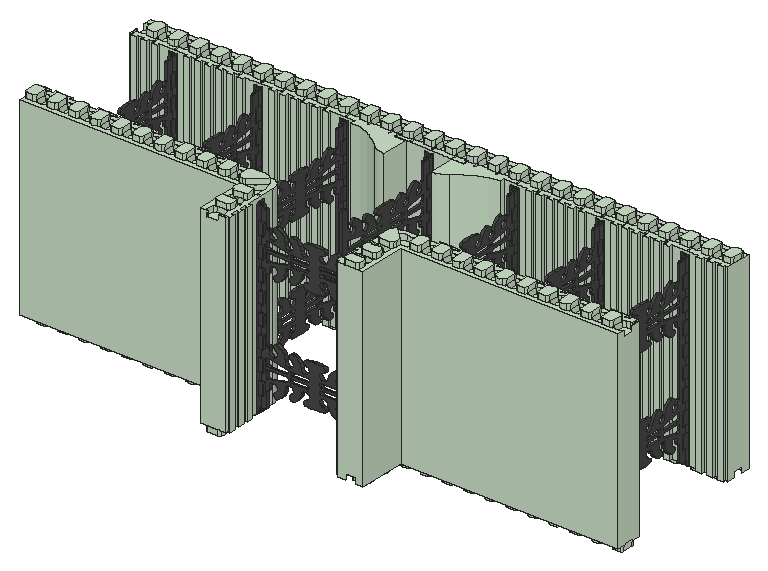
Revit family "ICF- NUDURA 10-inch- Short T Form Unit- Imperial", category Generic Models, Revit 2010 (continued)
Definition of nested family "NUDURA Diamond Pattern Missing Left Line"
  Lines and regions (in)
    model lines
      curve 18: arc (3.69709, -5.625, 16.35858) -> (3.75567, -5.625, 16.5) -> (3.69709, -5.625, 16.64142) r 0.2
      curve 19: line (4.634, -5.625, 16.01517) -> (4.29059, -5.625, 16.35858)
      curve 20: arc (4.634, -5.625, 15.48484) -> (4.74384, -5.625, 15.75) -> (4.634, -5.625, 16.01517) r 0.375
      curve 21: line (4.29059, -5.625, 15.14142) -> (4.634, -5.625, 15.48484)
      curve 22: line (3.35367, -5.625, 15.48484) -> (3.69709, -5.625, 15.14142)
      curve 23: arc (3.35367, -5.625, 16.01517) -> (3.24384, -5.625, 15.75) -> (3.35367, -5.625, 15.48484) r 0.375
      curve 24: line (3.69709, -5.625, 16.35858) -> (3.35367, -5.625, 16.01517)
      curve 25: arc (4.17062, -5.625, 16.30178) -> (3.99384, -5.625, 16.375) -> (3.81706, -5.625, 16.30178) r 0.25
      curve 26: line (3.81706, -5.625, 16.30178) -> (3.44206, -5.625, 15.92678)
      curve 27: arc (3.44206, -5.625, 15.92678) -> (3.36884, -5.625, 15.75) -> (3.44206, -5.625, 15.57322) r 0.25
      curve 28: line (3.44206, -5.625, 15.57322) -> (3.81706, -5.625, 15.19822)
      curve 29: arc (3.81706, -5.625, 15.19822) -> (3.99384, -5.625, 15.125) -> (4.17062, -5.625, 15.19822) r 0.25
      curve 30: line (4.17062, -5.625, 15.19822) -> (4.54562, -5.625, 15.57322)
      curve 31: arc (4.54562, -5.625, 15.57322) -> (4.61884, -5.625, 15.75) -> (4.54562, -5.625, 15.92678) r 0.25
      curve 32: line (4.54562, -5.625, 15.92678) -> (4.17062, -5.625, 16.30178)
      curve 33: arc (3.69709, -5.625, 14.85858) -> (3.75567, -5.625, 15) -> (3.69709, -5.625, 15.14142) r 0.2
      curve 34: line (4.634, -5.625, 14.51517) -> (4.29059, -5.625, 14.85858)
      curve 35: arc (4.634, -5.625, 13.98484) -> (4.74384, -5.625, 14.25) -> (4.634, -5.625, 14.51517) r 0.375
      curve 36: line (4.29059, -5.625, 13.64142) -> (4.634, -5.625, 13.98484)
      curve 37: line (3.35367, -5.625, 13.98484) -> (3.69709, -5.625, 13.64142)
      curve 38: arc (3.35367, -5.625, 14.51517) -> (3.24384, -5.625, 14.25) -> (3.35367, -5.625, 13.98484) r 0.375
      curve 39: line (3.69709, -5.625, 14.85858) -> (3.35367, -5.625, 14.51517)
      curve 40: arc (4.17062, -5.625, 14.80178) -> (3.99384, -5.625, 14.875) -> (3.81706, -5.625, 14.80178) r 0.25
      curve 41: line (3.81706, -5.625, 14.80178) -> (3.44206, -5.625, 14.42678)
      curve 42: arc (3.44206, -5.625, 14.42678) -> (3.36884, -5.625, 14.25) -> (3.44206, -5.625, 14.07322) r 0.25
      curve 43: line (3.44206, -5.625, 14.07322) -> (3.81706, -5.625, 13.69822)
      curve 44: arc (3.81706, -5.625, 13.69822) -> (3.99384, -5.625, 13.625) -> (4.17062, -5.625, 13.69822) r 0.25
      curve 45: line (4.17062, -5.625, 13.69822) -> (4.54562, -5.625, 14.07322)
      curve 46: arc (4.54562, -5.625, 14.07322) -> (4.61884, -5.625, 14.25) -> (4.54562, -5.625, 14.42678) r 0.25
      curve 47: line (4.54562, -5.625, 14.42678) -> (4.17062, -5.625, 14.80178)
      curve 48: arc (3.69709, -5.625, 13.35858) -> (3.75567, -5.625, 13.5) -> (3.69709, -5.625, 13.64142) r 0.2
      curve 49: line (4.634, -5.625, 13.01517) -> (4.29059, -5.625, 13.35858)
      curve 50: arc (4.634, -5.625, 12.48484) -> (4.74384, -5.625, 12.75) -> (4.634, -5.625, 13.01517) r 0.375
      curve 51: line (4.29059, -5.625, 12.14142) -> (4.634, -5.625, 12.48484)
      curve 52: line (3.35367, -5.625, 12.48484) -> (3.69709, -5.625, 12.14142)
      curve 53: arc (3.35367, -5.625, 13.01517) -> (3.24384, -5.625, 12.75) -> (3.35367, -5.625, 12.48484) r 0.375
      curve 54: line (3.69709, -5.625, 13.35858) -> (3.35367, -5.625, 13.01517)
      curve 55: arc (4.17062, -5.625, 13.30178) -> (3.99384, -5.625, 13.375) -> (3.81706, -5.625, 13.30178) r 0.25
      curve 56: line (3.81706, -5.625, 13.30178) -> (3.44206, -5.625, 12.92678)
      curve 57: arc (3.44206, -5.625, 12.92678) -> (3.36884, -5.625, 12.75) -> (3.44206, -5.625, 12.57322) r 0.25
      curve 58: line (3.44206, -5.625, 12.57322) -> (3.81706, -5.625, 12.19822)
      curve 59: arc (3.81706, -5.625, 12.19822) -> (3.99384, -5.625, 12.125) -> (4.17062, -5.625, 12.19822) r 0.25
      curve 60: line (4.17062, -5.625, 12.19822) -> (4.54562, -5.625, 12.57322)
      curve 61: arc (4.54562, -5.625, 12.57322) -> (4.61884, -5.625, 12.75) -> (4.54562, -5.625, 12.92678) r 0.25
      curve 62: line (4.54562, -5.625, 12.92678) -> (4.17062, -5.625, 13.30178)
      curve 63: arc (3.69709, -5.625, 11.85858) -> (3.75567, -5.625, 12) -> (3.69709, -5.625, 12.14142) r 0.2
      curve 64: line (4.634, -5.625, 11.51517) -> (4.29059, -5.625, 11.85858)
      curve 65: arc (4.634, -5.625, 10.98484) -> (4.74384, -5.625, 11.25) -> (4.634, -5.625, 11.51517) r 0.375
      curve 66: line (4.29059, -5.625, 10.64142) -> (4.634, -5.625, 10.98484)
      curve 67: line (3.35367, -5.625, 10.98484) -> (3.69709, -5.625, 10.64142)
      curve 68: arc (3.35367, -5.625, 11.51517) -> (3.24384, -5.625, 11.25) -> (3.35367, -5.625, 10.98484) r 0.375
      curve 69: line (3.69709, -5.625, 11.85858) -> (3.35367, -5.625, 11.51517)
      curve 70: arc (4.17062, -5.625, 11.80178) -> (3.99384, -5.625, 11.875) -> (3.81706, -5.625, 11.80178) r 0.25
      curve 71: line (3.81706, -5.625, 11.80178) -> (3.44206, -5.625, 11.42678)
      curve 72: arc (3.44206, -5.625, 11.42678) -> (3.36884, -5.625, 11.25) -> (3.44206, -5.625, 11.07322) r 0.25
      curve 73: line (3.44206, -5.625, 11.07322) -> (3.81706, -5.625, 10.69822)
      curve 74: arc (3.81706, -5.625, 10.69822) -> (3.99384, -5.625, 10.625) -> (4.17062, -5.625, 10.69822) r 0.25
      curve 75: line (4.17062, -5.625, 10.69822) -> (4.54562, -5.625, 11.07322)
      curve 76: arc (4.54562, -5.625, 11.07322) -> (4.61884, -5.625, 11.25) -> (4.54562, -5.625, 11.42678) r 0.25
      curve 77: line (4.54562, -5.625, 11.42678) -> (4.17062, -5.625, 11.80178)
      curve 78: arc (3.69709, -5.625, 10.35858) -> (3.75567, -5.625, 10.5) -> (3.69709, -5.625, 10.64142) r 0.2
      curve 79: line (4.634, -5.625, 10.01517) -> (4.29059, -5.625, 10.35858)
      curve 80: arc (4.634, -5.625, 9.48484) -> (4.74384, -5.625, 9.75) -> (4.634, -5.625, 10.01517) r 0.375
      curve 81: line (4.29059, -5.625, 9.14142) -> (4.634, -5.625, 9.48484)
      curve 82: line (3.35367, -5.625, 9.48484) -> (3.69709, -5.625, 9.14142)
      curve 83: arc (3.35367, -5.625, 10.01517) -> (3.24384, -5.625, 9.75) -> (3.35367, -5.625, 9.48484) r 0.375
      curve 84: line (3.69709, -5.625, 10.35858) -> (3.35367, -5.625, 10.01517)
      curve 85: arc (4.17062, -5.625, 10.30178) -> (3.99384, -5.625, 10.375) -> (3.81706, -5.625, 10.30178) r 0.25
      curve 86: line (3.81706, -5.625, 10.30178) -> (3.44206, -5.625, 9.92678)
      curve 87: arc (3.44206, -5.625, 9.92678) -> (3.36884, -5.625, 9.75) -> (3.44206, -5.625, 9.57322) r 0.25
      curve 88: line (3.44206, -5.625, 9.57322) -> (3.81706, -5.625, 9.19822)
      curve 89: arc (3.81706, -5.625, 9.19822) -> (3.99384, -5.625, 9.125) -> (4.17062, -5.625, 9.19822) r 0.25
      curve 90: line (4.17062, -5.625, 9.19822) -> (4.54562, -5.625, 9.57322)
      curve 91: arc (4.54562, -5.625, 9.57322) -> (4.61884, -5.625, 9.75) -> (4.54562, -5.625, 9.92678) r 0.25
      curve 92: line (4.54562, -5.625, 9.92678) -> (4.17062, -5.625, 10.30178)
      curve 93: arc (3.69709, -5.625, 8.85858) -> (3.75567, -5.625, 9) -> (3.69709, -5.625, 9.14142) r 0.2
      curve 94: line (4.634, -5.625, 8.51517) -> (4.29059, -5.625, 8.85858)
      curve 95: arc (4.634, -5.625, 7.98484) -> (4.74384, -5.625, 8.25) -> (4.634, -5.625, 8.51517) r 0.375
      curve 96: line (4.29059, -5.625, 7.64142) -> (4.634, -5.625, 7.98484)
      curve 97: line (3.35367, -5.625, 7.98484) -> (3.69709, -5.625, 7.64142)
      curve 98: arc (3.35367, -5.625, 8.51517) -> (3.24384, -5.625, 8.25) -> (3.35367, -5.625, 7.98484) r 0.375
      curve 99: line (3.69709, -5.625, 8.85858) -> (3.35367, -5.625, 8.51517)
      curve 100: arc (4.17062, -5.625, 8.80178) -> (3.99384, -5.625, 8.875) -> (3.81706, -5.625, 8.80178) r 0.25
      curve 101: line (3.81706, -5.625, 8.80178) -> (3.44206, -5.625, 8.42678)
      curve 102: arc (3.44206, -5.625, 8.42678) -> (3.36884, -5.625, 8.25) -> (3.44206, -5.625, 8.07322) r 0.25
      curve 103: line (3.44206, -5.625, 8.07322) -> (3.81706, -5.625, 7.69822)
      curve 104: arc (3.81706, -5.625, 7.69822) -> (3.99384, -5.625, 7.625) -> (4.17062, -5.625, 7.69822) r 0.25
      curve 105: line (4.17062, -5.625, 7.69822) -> (4.54562, -5.625, 8.07322)
      curve 106: arc (4.54562, -5.625, 8.07322) -> (4.61884, -5.625, 8.25) -> (4.54562, -5.625, 8.42678) r 0.25
      curve 107: line (4.54562, -5.625, 8.42678) -> (4.17062, -5.625, 8.80178)
      curve 108: arc (3.69709, -5.625, 7.35858) -> (3.75567, -5.625, 7.5) -> (3.69709, -5.625, 7.64142) r 0.2
      curve 109: line (4.634, -5.625, 7.01517) -> (4.29059, -5.625, 7.35858)
      curve 110: arc (4.634, -5.625, 6.48484) -> (4.74384, -5.625, 6.75) -> (4.634, -5.625, 7.01517) r 0.375
      curve 111: line (4.29059, -5.625, 6.14142) -> (4.634, -5.625, 6.48484)
      curve 112: line (3.35367, -5.625, 6.48484) -> (3.69709, -5.625, 6.14142)
      curve 113: arc (3.35367, -5.625, 7.01517) -> (3.24384, -5.625, 6.75) -> (3.35367, -5.625, 6.48484) r 0.375
      curve 114: line (3.69709, -5.625, 7.35858) -> (3.35367, -5.625, 7.01517)
      curve 115: arc (4.17062, -5.625, 7.30178) -> (3.99384, -5.625, 7.375) -> (3.81706, -5.625, 7.30178) r 0.25
      curve 116: line (3.81706, -5.625, 7.30178) -> (3.44206, -5.625, 6.92678)
      curve 117: arc (3.44206, -5.625, 6.92678) -> (3.36884, -5.625, 6.75) -> (3.44206, -5.625, 6.57322) r 0.25
      curve 118: line (3.44206, -5.625, 6.57322) -> (3.81706, -5.625, 6.19822)
      curve 119: arc (3.81706, -5.625, 6.19822) -> (3.99384, -5.625, 6.125) -> (4.17062, -5.625, 6.19822) r 0.25
      curve 120: line (4.17062, -5.625, 6.19822) -> (4.54562, -5.625, 6.57322)
      curve 121: arc (4.54562, -5.625, 6.57322) -> (4.61884, -5.625, 6.75) -> (4.54562, -5.625, 6.92678) r 0.25
      curve 122: line (4.54562, -5.625, 6.92678) -> (4.17062, -5.625, 7.30178)
      curve 123: arc (3.69709, -5.625, 5.85858) -> (3.75567, -5.625, 6) -> (3.69709, -5.625, 6.14142) r 0.2
      curve 124: line (4.634, -5.625, 5.51517) -> (4.29059, -5.625, 5.85858)
      curve 125: arc (4.634, -5.625, 4.98484) -> (4.74384, -5.625, 5.25) -> (4.634, -5.625, 5.51517) r 0.375
      curve 126: line (4.29059, -5.625, 4.64142) -> (4.634, -5.625, 4.98484)
      curve 127: line (3.35367, -5.625, 4.98484) -> (3.69709, -5.625, 4.64142)
      curve 128: arc (3.35367, -5.625, 5.51517) -> (3.24384, -5.625, 5.25) -> (3.35367, -5.625, 4.98484) r 0.375
      curve 129: line (3.69709, -5.625, 5.85858) -> (3.35367, -5.625, 5.51517)
      curve 130: arc (4.17062, -5.625, 5.80178) -> (3.99384, -5.625, 5.875) -> (3.81706, -5.625, 5.80178) r 0.25
      curve 131: line (3.81706, -5.625, 5.80178) -> (3.44206, -5.625, 5.42678)
      curve 132: arc (3.44206, -5.625, 5.42678) -> (3.36884, -5.625, 5.25) -> (3.44206, -5.625, 5.07322) r 0.25
      curve 133: line (3.44206, -5.625, 5.07322) -> (3.81706, -5.625, 4.69822)
      curve 134: arc (3.81706, -5.625, 4.69822) -> (3.99384, -5.625, 4.625) -> (4.17062, -5.625, 4.69822) r 0.25
      curve 135: line (4.17062, -5.625, 4.69822) -> (4.54562, -5.625, 5.07322)
      curve 136: arc (4.54562, -5.625, 5.07322) -> (4.61884, -5.625, 5.25) -> (4.54562, -5.625, 5.42678) r 0.25
      curve 137: line (4.54562, -5.625, 5.42678) -> (4.17062, -5.625, 5.80178)
      curve 138: arc (3.69709, -5.625, 4.35858) -> (3.75567, -5.625, 4.5) -> (3.69709, -5.625, 4.64142) r 0.2
      curve 139: line (4.634, -5.625, 4.01517) -> (4.29059, -5.625, 4.35858)
      curve 140: arc (4.634, -5.625, 3.48484) -> (4.74384, -5.625, 3.75) -> (4.634, -5.625, 4.01517) r 0.375
      curve 141: line (4.29059, -5.625, 3.14142) -> (4.634, -5.625, 3.48484)
      curve 142: line (3.35367, -5.625, 3.48484) -> (3.69709, -5.625, 3.14142)
      curve 143: arc (3.35367, -5.625, 4.01517) -> (3.24384, -5.625, 3.75) -> (3.35367, -5.625, 3.48484) r 0.375
      curve 144: line (3.69709, -5.625, 4.35858) -> (3.35367, -5.625, 4.01517)
      curve 145: arc (4.17062, -5.625, 4.30178) -> (3.99384, -5.625, 4.375) -> (3.81706, -5.625, 4.30178) r 0.25
      curve 146: line (3.81706, -5.625, 4.30178) -> (3.44206, -5.625, 3.92678)
      curve 147: arc (3.44206, -5.625, 3.92678) -> (3.36884, -5.625, 3.75) -> (3.44206, -5.625, 3.57322) r 0.25
      curve 148: line (3.44206, -5.625, 3.57322) -> (3.81706, -5.625, 3.19822)
      curve 149: arc (3.81706, -5.625, 3.19822) -> (3.99384, -5.625, 3.125) -> (4.17062, -5.625, 3.19822) r 0.25
      curve 150: line (4.17062, -5.625, 3.19822) -> (4.54562, -5.625, 3.57322)
      curve 151: arc (4.54562, -5.625, 3.57322) -> (4.61884, -5.625, 3.75) -> (4.54562, -5.625, 3.92678) r 0.25
      curve 152: line (4.54562, -5.625, 3.92678) -> (4.17062, -5.625, 4.30178)
      curve 153: arc (3.69709, -5.625, 2.85858) -> (3.75567, -5.625, 3) -> (3.69709, -5.625, 3.14142) r 0.2
      curve 154: line (4.634, -5.625, 2.51517) -> (4.29059, -5.625, 2.85858)
      curve 155: arc (4.634, -5.625, 1.98484) -> (4.74384, -5.625, 2.25) -> (4.634, -5.625, 2.51517) r 0.375
      curve 156: line (4.29059, -5.625, 1.64142) -> (4.634, -5.625, 1.98484)
      curve 157: line (3.35367, -5.625, 1.98484) -> (3.69709, -5.625, 1.64142)
      curve 158: arc (3.35367, -5.625, 2.51517) -> (3.24384, -5.625, 2.25) -> (3.35367, -5.625, 1.98484) r 0.375
      curve 159: line (3.69709, -5.625, 2.85858) -> (3.35367, -5.625, 2.51517)
      curve 160: arc (4.17062, -5.625, 2.80178) -> (3.99384, -5.625, 2.875) -> (3.81706, -5.625, 2.80178) r 0.25
      curve 161: line (3.81706, -5.625, 2.80178) -> (3.44206, -5.625, 2.42678)
      curve 162: arc (3.44206, -5.625, 2.42678) -> (3.36884, -5.625, 2.25) -> (3.44206, -5.625, 2.07322) r 0.25
      curve 163: line (3.44206, -5.625, 2.07322) -> (3.81706, -5.625, 1.69822)
      curve 164: arc (3.81706, -5.625, 1.69822) -> (3.99384, -5.625, 1.625) -> (4.17062, -5.625, 1.69822) r 0.25
      curve 165: line (4.17062, -5.625, 1.69822) -> (4.54562, -5.625, 2.07322)
      curve 166: arc (4.54562, -5.625, 2.07322) -> (4.61884, -5.625, 2.25) -> (4.54562, -5.625, 2.42678) r 0.25
      curve 167: line (4.54562, -5.625, 2.42678) -> (4.17062, -5.625, 2.80178)
      curve 168: arc (3.69709, -5.625, 1.35858) -> (3.75567, -5.625, 1.5) -> (3.69709, -5.625, 1.64142) r 0.2
      curve 169: line (3.69709, -5.625, 1.35858) -> (3.35367, -5.625, 1.01517)
      curve 170: arc (3.35367, -5.625, 1.01517) -> (3.24384, -5.625, 0.75) -> (3.35367, -5.625, 0.48484) r 0.375
      curve 171: line (3.35367, -5.625, 0.48484) -> (3.72867, -5.625, 0.10984)
      curve 172: arc (3.72867, -5.625, 0.10984) -> (3.99384, -5.625, 0) -> (4.259, -5.625, 0.10984) r 0.375
      curve 173: line (4.259, -5.625, 0.10984) -> (4.634, -5.625, 0.48484)
      curve 174: arc (4.634, -5.625, 0.48484) -> (4.74384, -5.625, 0.75) -> (4.634, -5.625, 1.01517) r 0.375
      curve 175: line (4.634, -5.625, 1.01517) -> (4.29059, -5.625, 1.35858)
      curve 176: arc (4.29059, -5.625, 1.64142) -> (4.23201, -5.625, 1.5) -> (4.29059, -5.625, 1.35858) r 0.2
      curve 177: arc (4.17062, -5.625, 1.30178) -> (3.99384, -5.625, 1.375) -> (3.81706, -5.625, 1.30178) r 0.25
      curve 178: line (4.54562, -5.625, 0.92678) -> (4.17062, -5.625, 1.30178)
      curve 179: arc (4.54562, -5.625, 0.57322) -> (4.61884, -5.625, 0.75) -> (4.54562, -5.625, 0.92678) r 0.25
      curve 180: line (4.17062, -5.625, 0.19822) -> (4.54562, -5.625, 0.57322)
      curve 181: arc (3.81706, -5.625, 0.19822) -> (3.99384, -5.625, 0.125) -> (4.17062, -5.625, 0.19822) r 0.25
      curve 182: line (3.44206, -5.625, 0.57322) -> (3.81706, -5.625, 0.19822)
      curve 183: arc (3.44206, -5.625, 0.92678) -> (3.36884, -5.625, 0.75) -> (3.44206, -5.625, 0.57322) r 0.25
      curve 184: line (3.81706, -5.625, 1.30178) -> (3.44206, -5.625, 0.92678)
      curve 185: arc (4.29059, -5.625, 3.14142) -> (4.23201, -5.625, 3) -> (4.29059, -5.625, 2.85858) r 0.2
      curve 186: arc (4.29059, -5.625, 4.64142) -> (4.23201, -5.625, 4.5) -> (4.29059, -5.625, 4.35858) r 0.2
      curve 187: arc (4.29059, -5.625, 6.14142) -> (4.23201, -5.625, 6) -> (4.29059, -5.625, 5.85858) r 0.2
      curve 188: arc (4.29059, -5.625, 7.64142) -> (4.23201, -5.625, 7.5) -> (4.29059, -5.625, 7.35858) r 0.2
      curve 189: arc (4.29059, -5.625, 9.14142) -> (4.23201, -5.625, 9) -> (4.29059, -5.625, 8.85858) r 0.2
      curve 190: arc (4.29059, -5.625, 10.64142) -> (4.23201, -5.625, 10.5) -> (4.29059, -5.625, 10.35858) r 0.2
      curve 191: arc (4.29059, -5.625, 12.14142) -> (4.23201, -5.625, 12) -> (4.29059, -5.625, 11.85858) r 0.2
      curve 192: arc (4.29059, -5.625, 13.64142) -> (4.23201, -5.625, 13.5) -> (4.29059, -5.625, 13.35858) r 0.2
      curve 193: arc (4.29059, -5.625, 15.14142) -> (4.23201, -5.625, 15) -> (4.29059, -5.625, 14.85858) r 0.2
      curve 194: arc (4.29059, -5.625, 16.64142) -> (4.23201, -5.625, 16.5) -> (4.29059, -5.625, 16.35858) r 0.2
